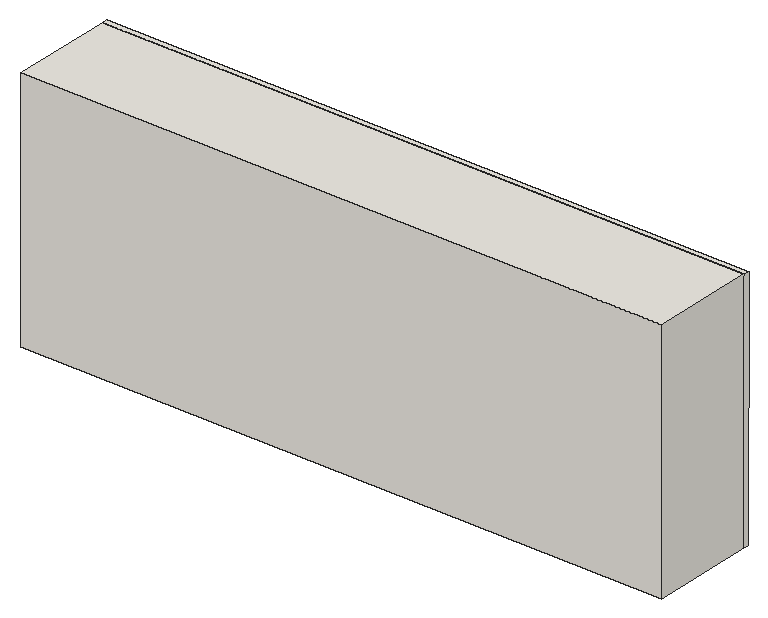
Revit family "ERA_LF_WR_DPA-301", category Осветительные приборы, Revit 2019
Family settings
  Размер круглого соединителя = Использовать диаметр
  Тип детали = Нормальный
  Номер OmniClass = 23.80.70.00
  Заголовок OmniClass = Lighting
  На основе рабочей плоскости = Нет
  Всегда вертикально = Да
  При загрузке вырезать с полостями = Нет
  Источник света = Да
  Общий = Нет
  Точка расчета площади = Да
Parameters (values of type "DPA-301-0-65, LED, IP20, 355х136х60 мм (ДхШхВ), 5 Вт, 6500 К, 282 лм, класс защиты II, в комплекте (драйвер на конденсаторах)")
  built-in parameter 1150104 = 13.8 (stored number, unit not read)
  built-in parameter 1150134 = 3
  Файл фотометрической сетки = "DPA-301-0-65.ies"
  Tilt Angle = 90.00°
  УГО_Смещение по оси Y [instance] = 1000.00 mm
  УГО_Смещение по оси X [instance] = 1000.00 mm
  built-in parameter 1150137 = (empty or 0)
  built-in parameter 1150132 = 2
  built-in parameter 1150114 = 1 (stored number, unit not read)
  Dimming Lamp Color Temperature Shift = (empty or 0)
  built-in parameter 1150105 = 486.97 (stored number, unit not read)
  Color Filter = 16777215
  Lumens = 282 lm
  built-in parameter 1150109 = 1 (stored number, unit not read)
  built-in parameter 1150112 = 1 (stored number, unit not read)
  built-in parameter 1150110 = 1 (stored number, unit not read)
  built-in parameter 1150113 = 1 (stored number, unit not read)
  built-in parameter 1150115 = 1 (stored number, unit not read)
  built-in parameter 1114218 = 1 (stored number, unit not read)
  built-in parameter 1114217 = 1 (stored number, unit not read)
  built-in parameter 1150106 = 4.8697 (stored number, unit not read)
  built-in parameter 1150142 = "IESNA:LM-63-1995\r\n[TEST] 11\r\n[ISSUEDATE] 2016/11/11 10:54\r\n[MANUFAC]  ЭРА\r\n[LUMCAT] \r\n[LUMINAIRE] DPA-301-0-65 \r\n[LAMPCAT] \r\n[LAMP] \r\n[VOLTAGE] \r\n[CURRENT] \r\n[POWERFACTOR] \r\n[TESTLAB] \r\n[TESTINST] \r\n[TESTDIST] \r\nTILT=NONE\r\n1 300 0.865  181 9 1 2 0.355 0.136 0.060 \r\n1.000 1.000 5.0\r\n0.0 1.0 2.0 3.0 4.0 5.0 6.0 7.0 8.0 9.0 10.0 11.0 12.0 13.0 14.0 15.0 16.0 17.0 18.0 19.0 20.0 21.0 22.0 23.0 24.0 25.0 26.0 27.0 28.0 29.0 30.0 31.0 32.0 33.0 34.0 35.0 36.0 37.0 38.0 39.0 40.0 41.0 42.0 43.0 44.0 45.0 46.0 47.0 48.0 49.0 50.0 51.0 52.0 53.0 54.0 55.0 56.0 57.0 58.0 59.0 60.0 61.0 62.0 63.0 64.0 65.0 66.0 67.0 68.0 69.0 70.0 71.0 72.0 73.0 74.0 75.0 76.0 77.0 78.0 79.0 80.0 81.0 82.0 83.0 84.0 85.0 86.0 87.0 88.0 89.0 90.0 91.0 92.0 93.0 94.0 95.0 96.0 97.0 98.0 99.0 100.0 101.0 102.0 103.0 104.0 105.0 106.0 107.0 108.0 109.0 110.0 111.0 112.0 113.0 114.0 115.0 116.0 117.0 118.0 119.0 120.0 121.0 122.0 123.0 124.0 125.0 126.0 127.0 128.0 129.0 130.0 131.0 132.0 133.0 134.0 135.0 136.0 137.0 138.0 139.0 140.0 141.0 142.0 143.0 144.0 145.0 146.0 147.0 148.0 149.0 150.0 151.0 152.0 153.0 154.0 155.0 156.0 157.0 158.0 159.0 160.0 161.0 162.0 163.0 164.0 165.0 166.0 167.0 168.0 169.0 170.0 171.0 172.0 173.0 174.0 175.0 176.0 177.0 178.0 179.0 180.0 \r\n0.0 45.0 90.0 135.0 180.0 225.0 270.0 315.0 360.0 \r\n120.35 120.46 120.52 120.45 120.32 120.13 120.02 119.77 119.54 119.37 119.14 118.79 118.49 118.13 117.77 117.37 117.00 116.51 116.07 115.60 115.09 114.59 114.25 113.80 113.51 113.25 112.82 112.53 112.24 111.90 111.46 110.88 110.13 109.11 108.10 106.80 105.03 102.75 100.62 98.43 96.34 94.14 92.29 90.50 88.76 87.02 85.01 83.20 81.33 79.46 77.53 75.47 73.22 71.19 69.25 66.70 64.44 62.11 59.47 56.42 52.00 47.04 40.97 33.87 26.47 20.78 15.78 11.66 9.01 7.32 6.11 5.51 5.19 4.78 4.23 3.81 3.58 3.32 2.73 2.57 2.07 1.82 1.74 1.49 1.09 0.98 0.94 0.83 0.58 0.65 0.61 0.39 0.59 0.63 0.46 0.46 0.63 0.63 0.48 0.50 0.68 0.57 0.51 0.70 0.59 0.58 0.77 0.65 0.69 0.81 0.84 0.69 0.86 0.79 0.84 1.02 0.81 0.81 1.00 1.01 0.88 0.88 1.02 1.04 0.98 1.09 1.02 1.04 1.05 1.08 1.08 1.06 1.11 1.16 1.17 1.13 1.24 1.23 1.16 1.22 1.19 1.27 1.24 1.28 1.31 1.30 1.34 1.30 1.28 1.34 1.34 1.33 1.37 1.34 1.31 1.39 1.42 1.37 1.46 1.37 1.49 1.48 1.51 1.52 1.45 1.38 1.38 1.55 1.55 1.39 1.41 1.37 1.42 1.62 1.42 1.42 1.60 1.62 1.37 1.59 1.51 \r\n120.38 120.42 120.45 120.70 120.72 120.63 120.63 120.34 120.50 120.19 120.06 120.03 119.85 119.68 119.48 119.44 119.22 119.00 118.67 118.13 117.95 117.41 116.70 116.08 115.35 114.49 113.71 112.97 112.34 111.62 110.79 110.09 109.22 108.51 107.59 106.73 105.61 104.57 103.18 101.50 99.34 97.29 95.04 92.81 90.64 88.33 85.94 83.56 81.19 79.02 76.66 74.42 72.11 69.93 67.71 65.51 63.05 60.35 58.02 55.60 52.91 49.62 46.08 41.53 35.93 28.54 21.91 16.40 11.81 8.97 7.28 6.02 5.35 5.01 4.57 3.95 3.70 3.30 2.73 2.54 2.22 1.68 1.39 1.39 1.23 1.01 0.66 0.80 0.72 0.44 0.63 0.66 0.41 0.66 0.63 0.48 0.46 0.69 0.46 0.51 0.73 0.50 0.52 0.77 0.52 0.79 0.79 0.61 0.80 0.84 0.62 0.66 0.87 0.72 0.75 0.94 0.75 0.80 1.01 0.80 0.84 1.02 1.11 0.87 1.12 1.11 0.97 1.13 0.98 1.04 1.19 1.22 1.02 1.04 1.23 1.22 1.27 1.28 1.12 1.26 1.30 1.16 1.35 1.34 1.22 1.23 1.35 1.28 1.42 1.39 1.28 1.28 1.39 1.33 1.48 1.37 1.26 1.44 1.35 1.37 1.52 1.42 1.49 1.42 1.42 1.45 1.45 1.55 1.58 1.56 1.56 1.58 1.59 1.59 1.58 1.58 1.53 1.58 1.52 1.59 1.60 \r\n120.53 120.57 120.60 120.77 120.79 120.93 120.93 120.99 120.96 120.89 120.78 120.83 120.88 120.64 120.43 120.13 119.59 118.94 118.11 117.22 116.29 115.25 114.22 113.24 112.27 111.25 110.07 109.07 108.40 107.49 106.45 105.18 104.08 103.08 101.98 100.87 99.44 97.94 96.66 95.22 93.79 91.89 90.37 88.90 87.29 85.54 83.44 81.59 79.81 77.94 75.98 73.81 71.21 68.42 65.07 61.02 55.09 48.58 41.53 34.65 28.39 22.53 17.90 14.34 11.55 9.90 8.92 8.12 7.61 7.09 6.52 6.09 5.65 5.15 4.63 4.19 3.67 3.25 2.83 2.39 2.10 1.78 1.44 1.20 1.01 0.95 0.84 0.63 0.63 0.59 0.47 0.55 0.58 0.50 0.47 0.52 0.62 0.65 0.51 0.51 0.65 0.50 0.68 0.73 0.52 0.73 0.76 0.58 0.57 0.84 0.58 0.66 0.86 0.66 0.69 0.94 0.75 0.72 0.98 0.80 0.84 1.01 1.05 0.84 1.09 1.06 0.86 1.13 0.93 1.22 1.17 1.00 1.05 1.22 1.05 1.05 1.26 1.09 1.30 1.26 1.09 1.34 1.16 1.19 1.37 1.37 1.26 1.41 1.42 1.28 1.42 1.45 1.33 1.48 1.34 1.46 1.42 1.38 1.46 1.48 1.39 1.52 1.45 1.45 1.51 1.52 1.55 1.49 1.52 1.51 1.55 1.55 1.56 1.58 1.58 1.56 1.48 1.49 1.48 1.45 1.48 \r\n120.61 120.67 120.64 120.65 120.75 120.71 120.78 120.74 120.72 120.71 120.68 120.49 120.21 120.14 120.02 119.84 119.51 119.18 118.87 118.51 118.10 117.51 116.82 116.12 115.38 114.48 113.68 112.81 111.77 110.85 109.91 108.84 107.89 106.91 105.87 104.75 103.53 102.16 100.62 98.98 97.34 95.50 93.69 91.73 89.70 87.76 85.66 83.61 81.45 79.36 77.38 75.32 73.07 70.68 68.55 66.21 63.93 61.63 58.92 56.54 54.19 51.63 48.35 44.55 39.97 33.80 27.46 21.16 15.44 11.47 8.84 7.25 6.15 5.50 5.03 4.60 3.95 3.52 3.19 2.71 2.31 2.10 1.75 1.35 1.08 1.06 0.75 0.63 0.57 0.68 0.44 0.59 0.63 0.40 0.62 0.72 0.63 0.51 0.48 0.66 0.47 0.50 0.73 0.55 0.54 0.77 0.57 0.57 0.79 0.77 0.65 0.63 0.84 0.70 0.90 0.72 0.72 0.95 0.75 0.76 1.02 1.00 0.83 0.84 1.05 0.90 1.09 1.11 0.94 1.11 1.13 0.98 1.20 1.22 1.06 1.05 1.09 1.09 1.28 1.12 1.11 1.27 1.13 1.19 1.33 1.19 1.22 1.39 1.26 1.26 1.39 1.24 1.30 1.39 1.34 1.45 1.45 1.39 1.46 1.49 1.42 1.51 1.42 1.53 1.49 1.52 1.51 1.41 1.46 1.48 1.51 1.46 1.52 1.56 1.48 1.48 1.55 1.60 1.62 1.49 1.62 \r\n120.35 120.31 120.19 120.10 120.10 119.98 119.73 119.54 119.47 119.16 118.89 118.60 118.20 117.77 117.44 117.00 116.65 116.24 115.82 115.23 114.87 114.65 114.11 113.87 113.49 113.14 112.56 112.12 111.64 111.08 110.43 109.51 108.04 106.66 104.98 103.18 101.43 99.57 97.67 95.96 94.27 92.35 90.78 89.17 87.49 85.91 84.17 82.17 80.32 78.48 76.55 74.53 72.65 70.70 68.57 66.18 64.03 61.97 59.76 57.25 54.35 50.64 46.32 40.93 34.34 27.85 21.78 16.12 12.05 9.26 7.47 6.40 5.70 5.21 4.70 4.30 3.83 3.48 3.04 2.71 2.39 2.02 1.73 1.49 1.33 1.08 1.00 0.88 0.75 0.57 0.51 0.58 0.54 0.57 0.47 0.48 0.50 0.66 0.63 0.68 0.48 0.51 0.73 0.72 0.59 0.58 0.79 0.80 0.59 0.61 0.66 0.90 0.88 0.90 0.69 0.91 0.98 0.80 0.77 0.77 1.01 1.05 1.06 0.83 0.84 0.86 1.13 0.93 0.95 1.16 1.02 1.05 0.98 1.26 1.30 1.06 1.05 1.24 1.27 1.11 1.30 1.31 1.15 1.12 1.34 1.37 1.35 1.20 1.26 1.42 1.24 1.41 1.45 1.26 1.46 1.42 1.26 1.31 1.48 1.52 1.33 1.53 1.34 1.35 1.37 1.34 1.37 1.39 1.52 1.52 1.55 1.46 1.42 1.45 1.62 1.52 1.48 1.46 1.60 1.49 1.66 \r\n120.38 120.28 120.32 120.36 120.30 120.12 120.12 120.05 120.07 119.99 119.92 119.83 119.56 119.45 119.19 118.98 118.89 118.63 118.33 118.10 117.78 117.42 116.98 116.58 116.08 115.57 114.88 114.25 113.38 112.53 111.55 110.57 109.59 108.58 107.45 105.87 104.31 102.81 101.22 99.70 98.11 96.45 94.71 92.49 90.62 88.80 86.85 84.88 82.86 80.57 78.34 76.28 74.47 72.31 70.07 67.47 65.33 63.01 60.59 58.13 55.80 53.05 50.17 47.00 43.10 38.53 32.91 26.72 21.20 16.12 12.28 9.23 7.49 6.37 5.57 4.96 4.57 4.14 3.58 3.18 2.83 2.49 2.07 1.77 1.51 1.27 1.11 0.95 0.76 0.62 0.58 0.54 0.50 0.54 0.50 0.44 0.50 0.52 0.57 0.54 0.54 0.54 0.58 0.52 0.40 0.59 0.63 0.69 0.62 0.66 0.59 0.75 0.73 0.79 0.68 0.81 0.80 0.72 0.73 0.75 0.90 0.90 0.80 0.83 0.90 1.01 1.05 1.04 0.90 1.00 1.08 1.11 0.98 0.98 1.00 1.22 1.39 1.02 1.04 1.24 1.05 1.06 1.26 1.31 1.11 1.16 1.13 1.27 1.19 1.17 1.39 1.23 1.45 1.42 1.46 1.24 1.30 1.46 1.49 1.26 1.28 1.49 1.33 1.34 1.52 1.26 1.33 1.37 1.38 1.58 1.58 1.33 1.35 1.58 1.59 1.37 1.59 1.38 1.42 1.60 1.46 \r\n120.53 120.42 120.48 120.54 120.56 120.54 120.56 120.65 120.70 120.68 120.60 120.42 120.43 120.50 120.45 120.39 120.20 119.96 119.33 118.75 118.18 117.22 116.14 114.69 113.82 112.42 111.29 110.29 109.42 108.47 107.57 106.33 105.36 104.33 103.25 102.25 101.01 99.68 98.30 96.71 95.31 93.84 92.25 90.60 88.96 86.98 85.22 83.54 81.71 79.78 77.80 75.81 73.55 71.02 67.98 64.06 59.67 54.10 48.02 41.61 35.41 29.27 23.83 19.22 15.56 13.00 11.11 9.68 8.54 7.90 7.36 6.87 6.40 5.95 5.39 4.90 4.49 4.17 3.76 3.32 2.72 2.39 2.15 1.89 1.51 1.12 0.97 0.77 0.83 0.75 0.46 0.44 0.57 0.59 0.36 0.39 0.33 0.65 0.66 0.75 0.46 0.47 0.70 0.52 0.52 0.72 0.69 0.68 0.57 0.58 0.70 0.75 0.77 0.65 0.65 0.80 0.79 0.77 0.84 0.84 0.83 0.83 0.87 0.84 0.90 0.93 0.91 0.98 0.93 0.93 1.05 1.05 1.02 0.98 1.05 1.16 1.01 1.08 1.06 1.23 1.08 1.15 1.24 1.28 1.11 1.19 1.19 1.35 1.38 1.19 1.39 1.22 1.22 1.45 1.44 1.48 1.33 1.30 1.48 1.55 1.33 1.55 1.34 1.28 1.19 1.52 1.55 1.39 1.44 1.48 1.39 1.37 1.67 1.45 1.66 1.68 1.48 1.70 1.70 1.66 1.67 \r\n120.61 120.42 120.53 120.52 120.41 120.32 120.25 120.21 120.10 120.01 119.79 119.66 119.48 119.37 119.16 118.86 118.78 118.64 118.20 117.96 117.71 117.38 117.09 116.72 116.28 115.67 115.12 114.58 114.07 113.39 112.66 111.59 110.81 110.05 108.94 107.86 106.68 105.32 103.82 102.20 100.15 98.21 96.23 94.21 92.05 89.56 87.24 84.92 82.57 80.40 78.08 75.81 73.23 71.03 68.91 66.70 64.25 61.64 59.17 56.81 54.25 51.58 48.28 44.50 38.94 32.99 26.69 20.67 15.22 11.47 8.81 7.25 6.24 5.55 5.04 4.36 3.94 3.51 3.38 2.96 2.64 2.07 1.98 1.74 1.46 1.01 0.81 0.72 0.80 0.75 0.44 0.44 0.61 0.63 0.41 0.47 0.43 0.68 0.66 0.68 0.50 0.47 0.72 0.52 0.51 0.73 0.77 0.75 0.57 0.58 0.81 0.81 0.81 0.61 0.63 0.90 0.88 0.69 0.69 0.75 0.90 0.91 0.77 0.79 0.83 1.02 1.06 0.88 0.94 1.08 0.90 0.88 0.91 1.13 1.16 0.98 0.94 1.15 1.20 1.05 1.06 1.31 1.04 1.06 1.02 1.34 1.35 1.12 1.17 1.37 1.22 1.20 1.42 1.19 1.22 1.26 1.51 1.46 1.26 1.28 1.48 1.49 1.51 1.52 1.48 1.30 1.33 1.52 1.37 1.60 1.53 1.41 1.35 1.60 1.58 1.48 1.60 1.45 1.46 1.60 1.51 \r\n120.35 120.46 120.52 120.45 120.32 120.13 120.02 119.77 119.54 119.37 119.14 118.79 118.49 118.13 117.77 117.37 117.00 116.51 116.07 115.60 115.09 114.59 114.25 113.80 113.51 113.25 112.82 112.53 112.24 111.90 111.46 110.88 110.13 109.11 108.10 106.80 105.03 102.75 100.62 98.43 96.34 94.14 92.29 90.50 88.76 87.02 85.01 83.20 81.33 79.46 77.53 75.47 73.22 71.19 69.25 66.70 64.44 62.11 59.47 56.42 52.00 47.04 40.97 33.87 26.47 20.78 15.78 11.66 9.01 7.32 6.11 5.51 5.19 4.78 4.23 3.81 3.58 3.32 2.73 2.57 2.07 1.82 1.74 1.49 1.09 0.98 0.94 0.83 0.58 0.65 0.61 0.39 0.59 0.63 0.46 0.46 0.63 0.63 0.48 0.50 0.68 0.57 0.51 0.70 0.59 0.58 0.77 0.65 0.69 0.81 0.84 0.69 0.86 0.79 0.84 1.02 0.81 0.81 1.00 1.01 0.88 0.88 1.02 1.04 0.98 1.09 1.02 1.04 1.05 1.08 1.08 1.06 1.11 1.16 1.17 1.13 1.24 1.23 1.16 1.22 1.19 1.27 1.24 1.28 1.31 1.30 1.34 1.30 1.28 1.34 1.34 1.33 1.37 1.34 1.31 1.39 1.42 1.37 1.46 1.37 1.49 1.48 1.51 1.52 1.45 1.38 1.38 1.55 1.55 1.39 1.41 1.37 1.42 1.62 1.42 1.42 1.60 1.62 1.37 1.59 1.51 \r\n"
  built-in parameter 1150133 = 10 (stored number, unit not read)
  Wattage = 9.2903 W
  built-in parameter 1150139 = (empty or 0)
  built-in parameter 1150138 = (empty or 0)
  built-in parameter 1150107 = 6500 (stored number, unit not read)
  built-in parameter 1150102 = (empty or 0)
  Emit from Rectangle Width = _Корпус_Ширина  # 136.00 mm
  Emit from Rectangle Length = _Корпус_Длина  # 355.00 mm
  Emit Shape Visible in Rendering = no
  _УГО_Ширина = if(_Корпус_Ширина / УГО_Масштаб < 1.00 mm, 1.00 mm, _Корпус_Ширина / УГО_Масштаб)  # 1.36 mm
  УГО_Масштаб = 100
  _УГО_Длина = if(_Корпус_Длина / УГО_Масштаб < 1.00 mm, 1.00 mm, _Корпус_Длина / УГО_Масштаб)  # 3.55 mm
  _УГО_Диаметр = if(_Корпус_Длина / УГО_Масштаб < 1.00 mm, 1.00 mm, _Корпус_Длина / УГО_Масштаб)  # 3.55 mm
  УГО_Видимость [instance] = not(УГО_Реальный размер)  # yes
  УГО_Аварийный [instance] = no
  Тип установки = "Настенный"
  Степень защиты IP = "IP20"
  Разработчик модели = "https://www.teslabim.ru"
  _Корпус_Ширина = if(ADSK_Размер_Ширина < 1.00 mm, 1.00 mm, ADSK_Размер_Ширина)  # 136.00 mm
  _Корпус_Длина = if(ADSK_Размер_Длина < 1.00 mm, 1.00 mm, ADSK_Размер_Длина)  # 355.00 mm
  built-in parameter 1114216 [instance] = 1 (stored number, unit not read)
  Цвет = Белый
  УГО_Реальный размер [instance] = no
  Description = ""
  Lamp = ""
  Комплект = "Драйвер на конденсаторах"
  Класс пожароопасности = "Нет"
  Класс защиты = "II"
  Источник света = "LED"
  Manufacturer = ""
  Геометрия изделия = "Прямоугольный"
  _Корпус_Диаметр = if(ADSK_Размер_Диаметр < 1.00 mm, 1.00 mm, ADSK_Размер_Диаметр)  # 1.00 mm
  _Корпус_Высота = if(ADSK_Размер_Высота < 1.00 mm, 1.00 mm, ADSK_Размер_Высота)  # 60.00 mm
  URL = "https://www.eraworld.ru/catalog/2649793"
  ADSK_Размер_Ширина = 136.00 mm
  ADSK_Размер_Длина = 355.00 mm
  ADSK_Размер_Диаметр = 0.00 mm
  ADSK_Примечание = "Драйвер на конденсаторах, пластик"
  ADSK_Полная мощность = ADSK_Номинальная мощность / ADSK_Коэффициент мощности  # 5.88235 VA
  ADSK_Позиция = ""
  ADSK_Номинальная мощность = 5 W
  ADSK_Напряжение = 230 V
  ADSK_Наименование краткое = "Светильник"
  ADSK_Масса = 0.284
  ADSK_Марка = "DPA-301-0-65"
  ADSK_Коэффициент мощности = 0.85
  ADSK_Количество фаз = 1
  ADSK_Код изделия = ""
  ADSK_Классификация нагрузок = Освещение
  ADSK_Размер_Высота = 60.00 mm
  ADSK_Обозначение = ADSK_Марка  # "DPA-301-0-65"
  ADSK_Наименование = "Светильник, LED, прямоугольный, настенный, IP20, 355х136х60 мм (ДхШхВ), 5 Вт, 6500 К, 282 лм, класс защиты II, в комплекте (драйвер на конденсаторах)"
  ADSK_Завод-изготовитель = "ЭРА"
  ADSK_Единица измерения = "шт."
Reference planes
  plane 1 "По центру (Вперед/Назад)": y = 0
  plane 2: z = 0
  plane 3 "По центру (Влево/Вправо)": x = 0
  plane 4 "X": x = 1000
  plane 5 "Y": y = -900
  plane 6 "ИС": y = 60
Lines and regions (mm)
  reference lines
    curve 1: line (50, 100, 0) -> (150, 100, 0)
    curve 2: line (0, -50, 0) -> (0, 50, 0)
  reference lines, not visible
    curve 3: line (651.535, -544.594, 0) -> (751.535, -544.594, 0)
    curve 4: line (601.535, -694.594, 0) -> (601.535, -594.594, 0)
Dimensions and locks
  "УГО_Смещение по оси X": curve 2 to plane 4 "X"
  "УГО_Смещение по оси Y": plane 5 "Y" to curve 1
  "_Корпус_Высота": plane 6 "ИС" to plane 1 "По центру (Вперед/Назад)"
  "_Корпус_Высота": plane 1 "По центру (Вперед/Назад)" to plane 6 "ИС"
  aligned and locked: level to plane 2
  aligned and locked: nested 1 to plane 3 "По центру (Влево/Вправо)"
  aligned and locked: nested 1 to plane 2
  aligned and locked: plane 2 to imposter light
  aligned and locked: imposter light to plane 6 "ИС"
  aligned and locked: nested 2 to curve 1
  aligned and locked: curve 2 to nested 2
Nested families
  nested 1: "GM_ОП_Пр_Корпус" at (0, 0, 0) x (0, 0, -1) z (0, 1, 0), type "GM_ОП_Пр_Корпус"
    with Рассеиватель_Высота 3.00 mm, Корпус_Ширина 136.00 mm, Корпус_Длина 355.00 mm, Корпус_Высота 60.00 mm, Кант_Ширина 6.80 mm
  nested 2: "GA_УГО_ОП_н_Пр" at (0, 100, 0), visible <- "УГО_Видимость", type "GA_УГО_ОП_н_Пр", detail levels coarse+medium
    with Ширина 1.36 mm, Длина 3.55 mm, Аварийный no
Connectors
  electrical at (0, 0, 0), driven by "ADSK_Коэффициент мощности", driven by "ADSK_Количество фаз", driven by "ADSK_Классификация нагрузок", driven by "ADSK_Напряжение", driven by "ADSK_Полная мощность"
    settings: index 1, voltage 230 V, apparent load 5.88235 VA, apparent load phase1 0 VA, apparent load phase2 0 VA, apparent load phase3 0 VA, power factor 0.85, load classification "Освещение", number of poles 1, system type 30, power factor state 1, is connector primary yes, connector utility no, sub classification motor no, connector description ""
Definition of nested family "GM_ОП_Пр_Корпус"
  Parameters (values of type "GM_ОП_Пр_Корпус")
    Рассеиватель_Высота = Корпус_Высота * 0.05  # 1.25 mm
    Корпус_Ширина = 42.00 mm
    Цвет = none
    Реальный размер = no
    Default Elevation = 0.00 mm
    Корпус_Длина = 260.00 mm
    Корпус_Высота = 25.00 mm
    Кант_Ширина = Корпус_Ширина * 0.05  # 2.10 mm
  Reference planes
    plane 1 "По центру (Вперед/Назад)": y = 0
    plane 2: z = 0
    plane 3 "По центру (Влево/Вправо)": x = 0
    plane 4 "Ш1": x = 21
    plane 5 "Ш2": x = -21
    plane 6 "Д1": y = 130
    plane 7 "Д2": y = -130
    plane 8 "В": z = 25
    plane 9 "Р": z = 23.75
  Forms (mm)
    Extrusion 1, solid, material <- "Цвет", detail levels fine
      sketch origin (0, 0, 0) x (1, 0, 0) y (0, 1, 0)
        loop
          line (21, -130) -> (21, 130) -> (-21, 130) -> (-21, -130) -> (21, -130)
      from 0 to 23.75
    Extrusion 2, solid, visible <- "Реальный размер", detail levels coarse+medium
      sketch origin (0, 0, 0) x (1, 0, 0) y (0, 1, 0)
        loop
          line (-21, 130) -> (-21, -130) -> (21, -130) -> (21, 130) -> (-21, 130)
      from 0 to 25 <- "Корпус_Высота"
  Dimensions and locks
    equal spacing: plane 5 "Ш2", plane 3 "По центру (Влево/Вправо)", plane 4 "Ш1"
    "Корпус_Ширина": plane 5 "Ш2" to plane 4 "Ш1"
    equal spacing: plane 6 "Д1", plane 1 "По центру (Вперед/Назад)", plane 7 "Д2"
    "Корпус_Длина": plane 6 "Д1" to plane 7 "Д2"
    "Корпус_Высота": plane 2 to plane 8 "В"
    "Рассеиватель_Высота": plane 9 "Р" to plane 8 "В"
    aligned and locked: level to plane 2
    aligned and locked: Extrusion 1 to plane 5 "Ш2"
    aligned and locked: Extrusion 1 to plane 4 "Ш1"
    aligned and locked: Extrusion 1 to plane 6 "Д1"
    aligned and locked: plane 7 "Д2" to Extrusion 1
    aligned and locked: plane 6 "Д1" to Extrusion 2 sketch curve
    aligned and locked: Extrusion 2 sketch curve to plane 7 "Д2"
    aligned and locked: Extrusion 2 sketch curve to plane 5 "Ш2"
    aligned and locked: plane 4 "Ш1" to Extrusion 2 sketch curve
    aligned and locked: Extrusion 1 to plane 2
    aligned and locked: Extrusion 2 to plane 2
    aligned and locked: nested 1 to plane 8 "В"
    aligned and locked: plane 3 "По центру (Влево/Вправо)" to nested 1
    aligned and locked: plane 1 "По центру (Вперед/Назад)" to nested 1
    aligned and locked: Extrusion 1 to plane 9 "Р"
  Automatic sketch dimensions
    Extrusion 1 sketch curve to plane 5 "Ш2" = 0.00 mm
    Extrusion 1 sketch curve to plane 4 "Ш1" = 0.00 mm
    plane 7 "Д2" to Extrusion 1 sketch curve = 0.00 mm
    plane 6 "Д1" to Extrusion 1 sketch curve = 0.00 mm
  Nested families
    nested 1: "GM_ОП_Пр_Рассеиватель" at (0, 0, 23.75), type "GM_ОП_Пр_Рассеиватель"
      with Корпус_Ширина 42.00 mm, Корпус_Длина 260.00 mm, Корпус_Высота 1.25 mm
  Definition of nested family "GM_ОП_Пр_Рассеиватель"
    Parameters (values of type "GM_ОП_Пр_Рассеиватель")
      Корпус_Ширина = 80.00 mm
      Цвет = none
      Default Elevation = 1000.00 mm
      Корпус_Длина = 100.00 mm
      Корпус_Высота = 1.30 mm
      Кант_Ширина = 5.00 mm
    Reference planes
      plane 1 "По центру (Вперед/Назад)": y = 0
      plane 2: z = 0
      plane 3 "По центру (Влево/Вправо)": x = 0
      plane 4 "Ш1": x = 40
      plane 5 "Ш2": x = -40
      plane 6 "Д1": y = 50
      plane 7 "Д2": y = -50
    Forms (mm)
      Extrusion 1, solid, material <- "Цвет", detail levels fine
        sketch origin (0, 0, 0) x (1, 0, 0) y (0, 1, 0)
          loop
            line (40, -50) -> (40, 50) -> (-40, 50) -> (-40, -50) -> (40, -50)
          loop
            line (-35, 45) -> (-35, -45) -> (35, -45) -> (35, 45) -> (-35, 45)
        from 0 to 1.3 <- "Корпус_Высота"
      Extrusion 2, solid, detail levels fine
        sketch origin (20, -32.684, 0) x (1, 0, 0) y (0, 1, 0)
          loop
            line (-55, 77.684) -> (-55, -12.316) -> (15, -12.316) -> (15, 77.684) -> (-55, 77.684)
        from 0 to 1.3 <- "Корпус_Высота"
    Dimensions and locks
      equal spacing: plane 5 "Ш2", plane 3 "По центру (Влево/Вправо)", plane 4 "Ш1"
      "Корпус_Ширина": plane 5 "Ш2" to plane 4 "Ш1"
      equal spacing: plane 6 "Д1", plane 1 "По центру (Вперед/Назад)", plane 7 "Д2"
      "Корпус_Длина": plane 6 "Д1" to plane 7 "Д2"
      "Кант_Ширина": plane 5 "Ш2" to Extrusion 2 sketch curve
      "Кант_Ширина": Extrusion 2 sketch curve to plane 4 "Ш1"
      "Кант_Ширина": plane 6 "Д1" to Extrusion 2 sketch curve
      "Кант_Ширина": plane 7 "Д2" to Extrusion 2 sketch curve
      aligned and locked: level to plane 2
      aligned and locked: plane 5 "Ш2" to Extrusion 1
      aligned and locked: Extrusion 1 to plane 4 "Ш1"
      aligned and locked: Extrusion 1 to plane 6 "Д1"
      aligned and locked: plane 7 "Д2" to Extrusion 1
      aligned and locked: Extrusion 1 to plane 2
      aligned and locked: Extrusion 1 sketch curve to Extrusion 2  (x4)
    Automatic sketch dimensions
      Extrusion 1 sketch curve to plane 5 "Ш2" = 0.00 mm
      Extrusion 1 sketch curve to plane 4 "Ш1" = 0.00 mm
      plane 7 "Д2" to Extrusion 1 sketch curve = 0.00 mm
      plane 6 "Д1" to Extrusion 1 sketch curve = 0.00 mm
Definition of nested family "GA_УГО_ОП_н_Пр"
  Parameters (values of type "GA_УГО_ОП_н_Пр")
    Ширина = 1.00 mm
    Длина = 1.00 mm
    Аварийный = yes
  Reference planes
    plane 1: y = 0
    plane 2: x = 0
  Lines and regions (mm)
    Masking region 1
      outline origin (-3.791, 0.433, 0) x (1, 0, 0) y (0, 1, 0)
        loop
          line (3.291, 0.567) -> (3.291, -0.433) -> (4.291, -0.433) -> (4.291, 0.567) -> (3.291, 0.567)
    reference lines
      curve 1: line (0.5, 2, 0) -> (0.5, 1, 0)
      curve 2: line (0.5, 1, 0) -> (1.5, 1, 0)
    reference lines, not visible
      curve 3: line (1.88, 1.985, 0) -> (1.88, 0.985, 0)
      curve 4: line (1.88, 0.985, 0) -> (2.88, 0.985, 0)
  Text (mm)
    text "А" at (0.659, 3.406, 0), visible <- "Аварийный"
    text "А" at (2.039, 3.391, 0), visible <- "Аварийный", not visible
  Dimensions and locks
    equal spacing: Masking region 1, plane 2, Masking region 1
    "Длина": Masking region 1 to Masking region 1
    "Ширина": plane 1 to Masking region 1
    aligned and locked: Masking region 1 sketch curve to plane 1
    aligned and locked: Masking region 1 to curve 2
    aligned and locked: curve 1 to Masking region 1
  Automatic sketch dimensions
    Masking region 1 sketch curve to plane 2 = 0.50 mm
    plane 2 to Masking region 1 sketch curve = 0.50 mm
    Masking region 1 sketch curve to plane 1 = 1.00 mm
